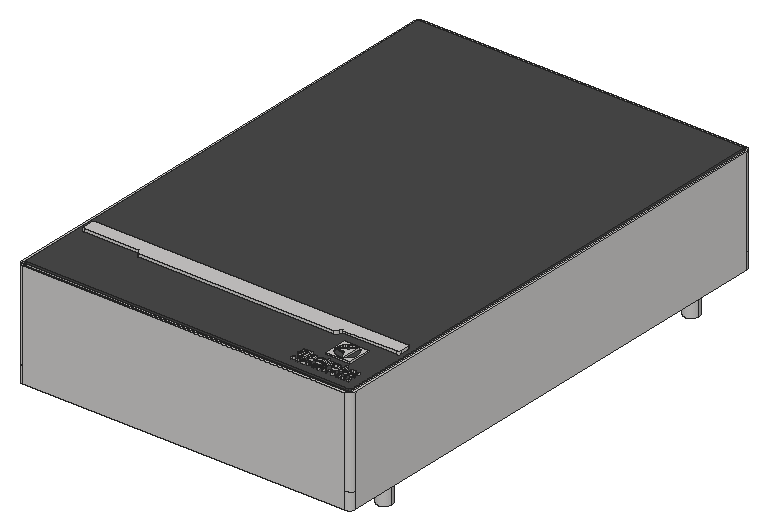
Revit family "QF_ELECTROLUXPROFESSIONAL_600883_E1HDDEOMCT", category Specialty Equipment, Revit 2018
Family settings
  Round Connector Dimension = Use Diameter
  Part Type = Normal
  Work Plane-Based = No
  Always vertical = Yes
  Cut with Voids When Loaded = No
  Shared = No
  Room Calculation Point = No
Parameters (values of type "Standard")
  Watts = 0 W
  Volts = 380 V
  URL = "http://professional.electrolux.com"
  Steam Supply Size = 0 mm
  Steam Supply Minimum Pressure = 0.0 Pa
  Steam Supply Maximum Pressure = 0.0 Pa
  Steam Pounds per Hour = 0
  Show Logo [instance] = yes
  Manufacturer = "Electrolux Professional"
  Phase = 3
  Model = "E1HDDEOMCT"
  Item Number = "600883"
  Hot Water Size = 0 mm
  HP = "6.7 HP"
  Gas Size = 0 mm
  Gas KW = 0
  Direct Waste Size = 0 mm
  Description = "PLUG-IN INDUCTION MONO ZONE COOK TOP - 3-PHASE"
  Cycle = 60 Hz
  Condensate Return Size = 0 mm
  Compressed Air Volume = 0.0 L/s
  Compressed Air Size = 0 mm
  Compressed Air Pressure = 0.0 Pa
  Cold Water Size = 0 mm
Values of the unnamed type that differ from the named types
  Volts = 0 V
  Item Number = ""
  Cycle = 0 Hz
Reference planes
  plane 1 "Centro (Fronte/Retro)": y = 74.737
  plane 2: z = 0
  plane 3: x = -514.269
  plane 4 "LEFT": x = -714.269
  plane 5 "RIGHT": x = -314.269
  plane 6 "BACK": y = 374.737
  plane 7 "FRONT": y = -225.263
  plane 8: x = -712.269
  plane 9: y = 372.737
  plane 10: x = -316.269
  plane 11: y = -223.263
  plane 12: y = -124.263
  plane 13: x = -698.269
  plane 14: x = -330.269
  plane 15: y = 304.737
  plane 16: y = -155.263
  plane 17: x = -539.269
  plane 18: y = -149.263
  plane 19: z = 764
Forms (mm)
  Extrusion 1, solid, material "QF_Finishes_Stainless Steel"
    sketch origin (0, 0, 789.016) x (1, 0, 0) y (0, 1, 0)
      loop
        arc (-707.269, 374.737) -> (-712.218, 372.687) -> (-714.269, 367.737) r 7
        line (-714.269, 367.737) -> (-714.269, -218.263)
        arc (-714.269, -218.263) -> (-712.218, -223.213) -> (-707.269, -225.263) r 7
        line (-707.269, -225.263) -> (-321.269, -225.263)
        arc (-321.269, -225.263) -> (-316.319, -223.213) -> (-314.269, -218.263) r 7
        line (-314.269, -218.263) -> (-314.269, 367.737)
        arc (-314.269, 367.737) -> (-316.319, 372.687) -> (-321.269, 374.737) r 7
        line (-321.269, 374.737) -> (-707.269, 374.737)
    from 0 to 20
  Extrusion 2, solid, material "QF_Finishes_Stainless Steel"
    sketch origin (0, 0, 789.016) x (1, 0, 0) y (0, 1, 0)
      loop
        line (-321.269, 374.737) -> (-707.269, 374.737)
        arc (-707.269, 374.737) -> (-712.218, 372.687) -> (-714.269, 367.737) r 7
        line (-714.269, 367.737) -> (-714.269, -218.263)
        arc (-714.269, -218.263) -> (-712.218, -223.213) -> (-707.269, -225.263) r 7
        line (-707.269, -225.263) -> (-321.269, -225.263)
        arc (-321.269, -225.263) -> (-316.319, -223.213) -> (-314.269, -218.263) r 7
        line (-314.269, -218.263) -> (-314.269, 367.737)
        arc (-314.269, 367.737) -> (-316.319, 372.687) -> (-321.269, 374.737) r 7
      loop
        arc (-707.269, 372.737) -> (-710.804, 371.273) -> (-712.269, 367.737) r 5
        line (-712.269, 367.737) -> (-712.269, -218.263)
        arc (-712.269, -218.263) -> (-710.804, -221.798) -> (-707.269, -223.263) r 5
        line (-707.269, -223.263) -> (-321.269, -223.263)
        arc (-321.269, -223.263) -> (-317.733, -221.798) -> (-316.269, -218.263) r 5
        line (-316.269, -218.263) -> (-316.269, 367.737)
        arc (-316.269, 367.737) -> (-317.733, 371.273) -> (-321.269, 372.737) r 5
        line (-321.269, 372.737) -> (-707.269, 372.737)
    from 20 to 126
  Extrusion 3, solid, material "QF_Finishes_Black"
    sketch origin (0, 0, 915.016) x (-1, 0, 0) y (0, -1, 0)
      loop
        arc (707.269, -369.737) -> (708.683, -369.151) -> (709.269, -367.737) r 2
        line (709.269, -367.737) -> (709.269, 218.263)
        arc (709.269, 218.263) -> (708.683, 219.677) -> (707.269, 220.263) r 2
        line (707.269, 220.263) -> (321.269, 220.263)
        arc (321.269, 220.263) -> (319.854, 219.677) -> (319.269, 218.263) r 2
        line (319.269, 218.263) -> (319.269, -367.737)
        arc (319.269, -367.737) -> (319.854, -369.151) -> (321.269, -369.737) r 2
        line (321.269, -369.737) -> (707.269, -369.737)
    from 0 to 2
  Extrusion 4, solid, material "QF_Finishes_Stainless Steel"
    sketch origin (0, 0, 915.016) x (-1, 0, 0) y (0, -1, 0)
      loop
        arc (701.269, 124.263) -> (703.39, 125.142) -> (704.269, 127.263) r 3
        line (704.269, 127.263) -> (704.269, 137.763)
        arc (704.269, 137.763) -> (703.39, 139.884) -> (701.269, 140.763) r 3
        line (701.269, 140.763) -> (637.269, 140.763)
        arc (637.269, 140.763) -> (635.147, 141.642) -> (634.269, 143.763) r 3
        arc (634.269, 143.763) -> (633.39, 145.884) -> (631.269, 146.763) r 3
        line (631.269, 146.763) -> (397.269, 146.763)
        arc (397.269, 146.763) -> (395.147, 145.884) -> (394.269, 143.763) r 3
        arc (394.269, 143.763) -> (393.39, 141.642) -> (391.269, 140.763) r 3
        line (391.269, 140.763) -> (327.269, 140.763)
        arc (327.269, 140.763) -> (325.147, 139.884) -> (324.269, 137.763) r 3
        line (324.269, 137.763) -> (324.269, 127.263)
        arc (324.269, 127.263) -> (325.147, 125.142) -> (327.269, 124.263) r 3
        line (327.269, 124.263) -> (701.269, 124.263)
    from 2 to 5
  Extrusion 5, solid, material "QF_Finishes_Stainless Steel"
    sketch origin (0, 0, 141.016) x (-1, 0, 0) y (0, -1, 0)
      loop
        circle (698.269, -304.737) r 9
      loop
        circle (330.269, -304.737) r 9
      loop
        circle (698.269, 155.263) r 9
      loop
        circle (330.269, 155.263) r 9
    from 622.984 to 648
  Extrusion 6, solid, material "QF_Finishes_Stainless Steel"
    sketch origin (0, 0, 141.016) x (-1, 0, 0) y (0, -1, 0)
      loop
        circle (539.269, 149.263) r 10
    from 638.028 to 648
Cuts and joins
  joined: Extrusion 1, Extrusion 2
Lines and regions (mm)
  Split face 1
    outline origin (0, 0, 917.016) x (-1, 0, 0) y (0, -1, 0)
      loop
        line (324.269, 124.263) -> (324.269, -364.737) -> (704.269, -364.737) -> (704.269, 124.263) -> (324.269, 124.263)
  Split face 2
    outline origin (0, 0, 917.016) x (-1, 0, 0) y (0, -1, 0)
      loop
        circle (514.269, -120.237) r 139
  symbolic lines
    curve 1: line (-321.269, 374.737, 126) -> (-707.269, 374.737, 126)
    curve 2: arc (-707.269, 374.737, 126) -> (-712.218, 372.687, 126) -> (-714.269, 367.737, 126) r 7
    curve 3: line (-714.269, 367.737, 126) -> (-714.269, -218.263, 126)
    curve 4: arc (-714.269, -218.263, 126) -> (-712.218, -223.213, 126) -> (-707.269, -225.263, 126) r 7
    curve 5: line (-707.269, -225.263, 126) -> (-321.269, -225.263, 126)
    curve 6: arc (-321.269, -225.263, 126) -> (-316.319, -223.213, 126) -> (-314.269, -218.263, 126) r 7
    curve 7: line (-314.269, -218.263, 126) -> (-314.269, 367.737, 126)
    curve 8: arc (-314.269, 367.737, 126) -> (-316.319, 372.687, 126) -> (-321.269, 374.737, 126) r 7
    curve 9: line (-707.269, 372.737, 126) -> (-321.269, 372.737, 126)
    curve 10: arc (-321.269, 372.737, 126) -> (-317.733, 371.273, 126) -> (-316.269, 367.737, 126) r 5
    curve 11: line (-316.269, 367.737, 126) -> (-316.269, -218.263, 126)
    curve 12: arc (-316.269, -218.263, 126) -> (-317.733, -221.798, 126) -> (-321.269, -223.263, 126) r 5
    curve 13: line (-321.269, -223.263, 126) -> (-707.269, -223.263, 126)
    curve 14: arc (-707.269, -223.263, 126) -> (-710.804, -221.798, 126) -> (-712.269, -218.263, 126) r 5
    curve 15: line (-712.269, -218.263, 126) -> (-712.269, 367.737, 126)
    curve 16: arc (-712.269, 367.737, 126) -> (-710.804, 371.273, 126) -> (-707.269, 372.737, 126) r 5
    curve 17: arc (-375.269, 120.237, 126) -> (-514.269, 259.237, 126) -> (-653.269, 120.237, 126) r 139
    curve 18: arc (-653.269, 120.237, 126) -> (-514.269, -18.763, 126) -> (-375.269, 120.237, 126) r 139
    curve 19: line (-631.269, -146.763, 126) -> (-494.269, -146.763, 126)
    curve 20: arc (-494.269, -146.763, 126) -> (-492.147, -145.884, 126) -> (-491.269, -143.763, 126) r 3
    curve 21: arc (-491.269, -143.763, 126) -> (-490.39, -141.642, 126) -> (-488.269, -140.763, 126) r 3
    curve 22: line (-488.269, -140.763, 126) -> (-327.269, -140.763, 126)
    curve 23: arc (-327.269, -140.763, 126) -> (-325.147, -139.884, 126) -> (-324.269, -137.763, 126) r 3
    curve 24: line (-324.269, -137.763, 126) -> (-324.269, -127.263, 126)
    curve 25: arc (-324.269, -127.263, 126) -> (-325.147, -125.142, 126) -> (-327.269, -124.263, 126) r 3
    curve 26: line (-324.269, -124.263, 126) -> (-704.269, -124.263, 126)
    curve 27: arc (-701.269, -124.263, 126) -> (-703.39, -125.142, 126) -> (-704.269, -127.263, 126) r 3
    curve 28: line (-704.269, -127.263, 126) -> (-704.269, -137.763, 126)
    curve 29: arc (-704.269, -137.763, 126) -> (-703.39, -139.884, 126) -> (-701.269, -140.763, 126) r 3
    curve 30: line (-701.269, -140.763, 126) -> (-637.269, -140.763, 126)
    curve 31: arc (-637.269, -140.763, 126) -> (-635.147, -141.642, 126) -> (-634.269, -143.763, 126) r 3
    curve 32: arc (-634.269, -143.763, 126) -> (-633.39, -145.884, 126) -> (-631.269, -146.763, 126) r 3
    curve 33: line (-704.269, 364.737, 126) -> (-704.269, -124.263, 126)
    curve 34: line (-324.269, -124.263, 126) -> (-324.269, 364.737, 126)
    curve 35: line (-324.269, 364.737, 126) -> (-704.269, 364.737, 126)
    curve 36: line (-319.269, -218.263, 126) -> (-319.269, 367.737, 126)
    curve 37: arc (-319.269, 367.737, 126) -> (-319.854, 369.151, 126) -> (-321.269, 369.737, 126) r 2
    curve 38: line (-321.269, 369.737, 126) -> (-707.269, 369.737, 126)
    curve 39: arc (-707.269, 369.737, 126) -> (-708.683, 369.151, 126) -> (-709.269, 367.737, 126) r 2
    curve 40: line (-709.269, 367.737, 126) -> (-709.269, -218.263, 126)
    curve 41: arc (-709.269, -218.263, 126) -> (-708.683, -219.677, 126) -> (-707.269, -220.263, 126) r 2
    curve 42: line (-707.269, -220.263, 126) -> (-321.269, -220.263, 126)
    curve 43: arc (-321.269, -220.263, 126) -> (-319.854, -219.677, 126) -> (-319.269, -218.263, 126) r 2
    curve 44: line (-378.626, -153.452, 126) -> (-378.626, -182.168, 126)
    curve 45: line (-378.626, -182.168, 126) -> (-349.912, -182.168, 126)
    curve 46: line (-349.912, -182.168, 126) -> (-349.912, -153.452, 126)
    curve 47: line (-349.912, -153.452, 126) -> (-378.626, -153.452, 126)
    curve 48: line (-375.841, -162.424, 126) -> (-375.07, -161.023, 126)
    curve 49: line (-375.07, -161.023, 126) -> (-374.141, -159.732, 126)
    curve 50: line (-374.141, -159.732, 126) -> (-373.065, -158.564, 126)
    curve 51: line (-373.065, -158.564, 126) -> (-371.856, -157.535, 126)
    curve 52: line (-371.856, -157.535, 126) -> (-370.527, -156.661, 126)
    curve 53: line (-370.527, -156.661, 126) -> (-369.091, -155.954, 126)
    curve 54: line (-369.091, -155.954, 126) -> (-367.562, -155.431, 126)
    curve 55: line (-367.562, -155.431, 126) -> (-365.952, -155.107, 126)
    curve 56: arc (-365.952, -155.107, 126) -> (-363.752, -155.007, 126) -> (-361.567, -155.279, 126) r 13.008
    curve 57: arc (-361.567, -155.279, 126) -> (-361.815, -157.647, 126) -> (-362.651, -159.876, 126) r 9.395
    curve 58: line (-362.651, -159.876, 126) -> (-363.438, -161.245, 126)
    curve 59: line (-363.438, -161.245, 126) -> (-364.403, -162.507, 126)
    curve 60: line (-364.403, -162.507, 126) -> (-365.524, -163.648, 126)
    curve 61: line (-365.524, -163.648, 126) -> (-366.781, -164.654, 126)
    curve 62: line (-366.781, -164.654, 126) -> (-368.151, -165.509, 126)
    curve 63: line (-368.151, -165.509, 126) -> (-369.615, -166.2, 126)
    curve 64: line (-369.615, -166.2, 126) -> (-371.15, -166.712, 126)
    curve 65: line (-371.15, -166.712, 126) -> (-372.736, -167.029, 126)
    curve 66: line (-372.736, -167.029, 126) -> (-374.352, -167.138, 126)
    curve 67: line (-374.352, -167.138, 126) -> (-377.067, -167.138, 126)
    curve 68: line (-377.067, -167.138, 126) -> (-376.852, -165.495, 126)
    curve 69: line (-376.852, -165.495, 126) -> (-376.439, -163.92, 126)
    curve 70: line (-376.439, -163.92, 126) -> (-375.841, -162.424, 126)
    curve 71: line (-360.221, -179.969, 126) -> (-360.221, -155.646, 126)
    curve 72: line (-360.221, -155.646, 126) -> (-358.743, -156.237, 126)
    curve 73: line (-358.743, -156.237, 126) -> (-357.363, -157.003, 126)
    curve 74: line (-357.363, -157.003, 126) -> (-356.095, -157.931, 126)
    curve 75: line (-356.095, -157.931, 126) -> (-354.951, -159.007, 126)
    curve 76: line (-354.951, -159.007, 126) -> (-353.945, -160.217, 126)
    curve 77: line (-353.945, -160.217, 126) -> (-353.092, -161.548, 126)
    curve 78: line (-353.092, -161.548, 126) -> (-352.403, -162.986, 126)
    curve 79: line (-352.403, -162.986, 126) -> (-351.894, -164.517, 126)
    curve 80: line (-351.894, -164.517, 126) -> (-351.576, -166.128, 126)
    curve 81: line (-351.576, -166.128, 126) -> (-351.464, -167.804, 126)
    curve 82: line (-351.464, -167.804, 126) -> (-351.567, -169.456, 126)
    curve 83: line (-351.567, -169.456, 126) -> (-351.873, -171.047, 126)
    curve 84: line (-351.873, -171.047, 126) -> (-352.372, -172.563, 126)
    curve 85: line (-352.372, -172.563, 126) -> (-353.05, -173.992, 126)
    curve 86: line (-353.05, -173.992, 126) -> (-353.897, -175.319, 126)
    curve 87: line (-353.897, -175.319, 126) -> (-354.899, -176.532, 126)
    curve 88: line (-354.899, -176.532, 126) -> (-356.044, -177.617, 126)
    curve 89: line (-356.044, -177.617, 126) -> (-357.321, -178.56, 126)
    curve 90: line (-357.321, -178.56, 126) -> (-358.718, -179.349, 126)
    curve 91: line (-358.718, -179.349, 126) -> (-360.221, -179.969, 126)
    curve 92: line (-369.613, -169.43, 126) -> (-368.15, -170.12, 126)
    curve 93: line (-368.15, -170.12, 126) -> (-366.78, -170.975, 126)
    curve 94: line (-366.78, -170.975, 126) -> (-365.524, -171.98, 126)
    curve 95: line (-365.524, -171.98, 126) -> (-364.403, -173.12, 126)
    curve 96: line (-364.403, -173.12, 126) -> (-363.439, -174.381, 126)
    curve 97: line (-363.439, -174.381, 126) -> (-362.652, -175.748, 126)
    curve 98: arc (-362.652, -175.748, 126) -> (-361.85, -177.982, 126) -> (-361.568, -180.34, 126) r 10.532
    curve 99: arc (-361.568, -180.34, 126) -> (-362.906, -180.548, 126) -> (-364.258, -180.63, 126) r 14.39
    curve 100: line (-364.258, -180.63, 126) -> (-365.828, -180.532, 126)
    curve 101: line (-365.828, -180.532, 126) -> (-367.331, -180.252, 126)
    curve 102: line (-367.331, -180.252, 126) -> (-368.77, -179.801, 126)
    curve 103: line (-368.77, -179.801, 126) -> (-370.134, -179.191, 126)
    curve 104: line (-370.134, -179.191, 126) -> (-371.411, -178.434, 126)
    curve 105: line (-371.411, -178.434, 126) -> (-372.589, -177.541, 126)
    curve 106: line (-372.589, -177.541, 126) -> (-373.656, -176.525, 126)
    curve 107: line (-373.656, -176.525, 126) -> (-374.6, -175.397, 126)
    curve 108: line (-374.6, -175.397, 126) -> (-375.41, -174.168, 126)
    curve 109: line (-375.41, -174.168, 126) -> (-376.073, -172.852, 126)
    curve 110: line (-376.073, -172.852, 126) -> (-376.579, -171.46, 126)
    curve 111: line (-376.579, -171.46, 126) -> (-376.915, -170.003, 126)
    curve 112: line (-376.915, -170.003, 126) -> (-377.069, -168.493, 126)
    curve 113: line (-377.069, -168.493, 126) -> (-374.35, -168.493, 126)
    curve 114: line (-374.35, -168.493, 126) -> (-372.734, -168.602, 126)
    curve 115: line (-372.734, -168.602, 126) -> (-371.148, -168.919, 126)
    curve 116: line (-371.148, -168.919, 126) -> (-369.613, -169.43, 126)
    curve 117: arc (-399.495, -197.154, 126) -> (-398.466, -199.638, 126) -> (-395.982, -200.667, 126) r 3.513
    curve 118: line (-395.982, -200.667, 126) -> (-392.408, -200.667, 126)
    curve 119: line (-392.408, -200.667, 126) -> (-392.408, -198.85, 126)
    curve 120: line (-392.408, -198.85, 126) -> (-395.966, -198.85, 126)
    curve 121: arc (-395.966, -198.85, 126) -> (-397.094, -198.382, 126) -> (-397.562, -197.254, 126) r 1.596
    curve 122: line (-397.562, -197.254, 126) -> (-397.562, -195.74, 126)
    curve 123: line (-397.562, -195.74, 126) -> (-392.843, -195.74, 126)
    curve 124: line (-392.843, -195.74, 126) -> (-392.843, -193.917, 126)
    curve 125: line (-392.843, -193.917, 126) -> (-397.563, -193.917, 126)
    curve 126: line (-397.563, -193.917, 126) -> (-397.563, -191.264, 126)
    curve 127: line (-397.563, -191.264, 126) -> (-392.542, -191.264, 126)
    curve 128: line (-392.542, -191.264, 126) -> (-392.542, -189.445, 126)
    curve 129: line (-392.542, -189.445, 126) -> (-399.495, -189.445, 126)
    curve 130: line (-399.495, -189.445, 126) -> (-399.495, -193.353, 126)
    curve 131: line (-399.495, -193.353, 126) -> (-399.495, -197.154, 126)
    curve 132: line (-389.101, -189.455, 126) -> (-391.035, -189.455, 126)
    curve 133: line (-391.035, -189.455, 126) -> (-391.035, -194.76, 126)
    curve 134: line (-391.035, -194.76, 126) -> (-391.035, -200.681, 126)
    curve 135: line (-391.035, -200.681, 126) -> (-389.101, -200.681, 126)
    curve 136: line (-389.101, -200.681, 126) -> (-389.101, -194.721, 126)
    curve 137: line (-389.101, -194.721, 126) -> (-389.101, -189.455, 126)
    curve 138: arc (-380.394, -193.787, 126) -> (-383.654, -192.313, 126) -> (-386.913, -193.787, 126) r 4.34
    curve 139: arc (-386.913, -193.787, 126) -> (-387.819, -196.606, 126) -> (-386.913, -199.425, 126) r 4.838
    curve 140: arc (-386.913, -199.425, 126) -> (-383.498, -200.88, 126) -> (-380.082, -199.425, 126) r 4.737
    curve 141: line (-380.082, -199.425, 126) -> (-381.246, -198.293, 126)
    curve 142: arc (-381.246, -198.293, 126) -> (-383.382, -199.237, 126) -> (-385.517, -198.293, 126) r 2.888
    curve 143: arc (-385.517, -198.293, 126) -> (-385.841, -197.736, 126) -> (-385.905, -197.095, 126) r 1.527
    curve 144: line (-385.905, -197.095, 126) -> (-379.564, -197.095, 126)
    curve 145: arc (-379.564, -197.095, 126) -> (-379.672, -195.364, 126) -> (-380.394, -193.787, 126) r 4.757
    curve 146: line (-381.505, -195.736, 126) -> (-385.858, -195.736, 126)
    curve 147: arc (-385.858, -195.736, 126) -> (-385.043, -194.411, 126) -> (-383.56, -193.941, 126) r 2.23
    curve 148: arc (-383.56, -193.941, 126) -> (-382.221, -194.482, 126) -> (-381.505, -195.736, 126) r 2.201
    curve 149: arc (-372.029, -198.26, 126) -> (-376.639, -196.593, 126) -> (-372.029, -194.927, 126) r 2.606
    curve 150: line (-372.029, -194.927, 126) -> (-370.832, -193.681, 126)
    curve 151: arc (-370.832, -193.681, 126) -> (-378.564, -196.594, 126) -> (-370.832, -199.507, 126) r 4.415
    curve 152: line (-370.832, -199.507, 126) -> (-372.029, -198.26, 126)
    curve 153: line (-369.629, -193.481, 126) -> (-369.629, -197.299, 126)
    curve 154: arc (-369.629, -197.299, 126) -> (-368.592, -199.893, 126) -> (-365.911, -200.681, 126) r 3.196
    curve 155: line (-365.911, -200.681, 126) -> (-365.904, -198.864, 126)
    curve 156: arc (-365.904, -198.864, 126) -> (-367.239, -198.457, 126) -> (-367.699, -197.14, 126) r 1.542
    curve 157: line (-367.699, -197.14, 126) -> (-367.699, -194.319, 126)
    curve 158: line (-367.699, -194.319, 126) -> (-365.94, -194.319, 126)
    curve 159: line (-365.94, -194.319, 126) -> (-365.94, -192.562, 126)
    curve 160: line (-365.94, -192.562, 126) -> (-367.696, -192.562, 126)
    curve 161: line (-367.696, -192.562, 126) -> (-367.696, -189.455, 126)
    curve 162: line (-367.696, -189.455, 126) -> (-369.629, -189.455, 126)
    curve 163: line (-369.629, -189.455, 126) -> (-369.629, -193.481, 126)
    curve 164: arc (-359.402, -192.451, 126) -> (-361.13, -192.587, 126) -> (-362.397, -193.771, 126) r 2.627
    curve 165: line (-362.397, -193.771, 126) -> (-362.397, -192.563, 126)
    curve 166: line (-362.397, -192.563, 126) -> (-364.315, -192.563, 126)
    curve 167: line (-364.315, -192.563, 126) -> (-364.315, -196.541, 126)
    curve 168: line (-364.315, -196.541, 126) -> (-364.315, -200.681, 126)
    curve 169: line (-364.315, -200.681, 126) -> (-362.397, -200.681, 126)
    curve 170: line (-362.397, -200.681, 126) -> (-362.397, -196.412, 126)
    curve 171: arc (-362.397, -196.412, 126) -> (-361.445, -194.585, 126) -> (-359.402, -194.319, 126) r 2.229
    curve 172: line (-359.402, -194.319, 126) -> (-359.402, -192.451, 126)
    curve 173: arc (-350.248, -196.625, 126) -> (-354.668, -192.205, 126) -> (-359.088, -196.625, 126) r 4.42
    curve 174: arc (-359.088, -196.625, 126) -> (-354.668, -201.046, 126) -> (-350.248, -196.625, 126) r 4.42
    curve 175: arc (-357.176, -196.625, 126) -> (-354.668, -194.117, 126) -> (-352.16, -196.625, 126) r 2.508
    curve 176: arc (-352.16, -196.625, 126) -> (-354.668, -199.134, 126) -> (-357.176, -196.625, 126) r 2.508
    curve 177: line (-347.124, -189.454, 126) -> (-349.058, -189.454, 126)
    curve 178: line (-349.058, -189.454, 126) -> (-349.058, -194.566, 126)
    curve 179: line (-349.058, -194.566, 126) -> (-349.058, -200.682, 126)
    curve 180: line (-349.058, -200.682, 126) -> (-347.124, -200.682, 126)
    curve 181: line (-347.124, -200.682, 126) -> (-347.124, -194.643, 126)
    curve 182: line (-347.124, -194.643, 126) -> (-347.124, -189.454, 126)
    curve 183: line (-343.697, -192.562, 126) -> (-345.646, -192.562, 126)
    curve 184: line (-345.646, -192.562, 126) -> (-345.646, -194.915, 126)
    curve 185: line (-345.646, -194.915, 126) -> (-345.646, -197.715, 126)
    curve 186: arc (-345.646, -197.715, 126) -> (-341.931, -201.044, 126) -> (-338.204, -197.728, 126) r 3.745
    curve 187: line (-338.204, -197.728, 126) -> (-338.204, -194.915, 126)
    curve 188: line (-338.204, -194.915, 126) -> (-338.204, -192.562, 126)
    curve 189: line (-338.204, -192.562, 126) -> (-340.152, -192.562, 126)
    curve 190: line (-340.152, -192.562, 126) -> (-340.152, -197.299, 126)
    curve 191: arc (-340.152, -197.299, 126) -> (-341.925, -199.071, 126) -> (-343.697, -197.299, 126) r 1.772
    curve 192: line (-343.697, -197.299, 126) -> (-343.697, -192.562, 126)
    curve 193: line (-334.237, -196.397, 126) -> (-335.916, -198.735, 126)
    curve 194: line (-335.916, -198.735, 126) -> (-337.313, -200.682, 126)
    curve 195: line (-337.313, -200.682, 126) -> (-335.235, -200.682, 126)
    curve 196: line (-335.235, -200.682, 126) -> (-333.174, -197.813, 126)
    curve 197: line (-333.174, -197.813, 126) -> (-331.112, -200.682, 126)
    curve 198: line (-331.112, -200.682, 126) -> (-329.034, -200.682, 126)
    curve 199: line (-329.034, -200.682, 126) -> (-330.891, -198.085, 126)
    curve 200: line (-330.891, -198.085, 126) -> (-332.11, -196.38, 126)
    curve 201: line (-332.11, -196.38, 126) -> (-330.601, -194.325, 126)
    curve 202: line (-330.601, -194.325, 126) -> (-329.308, -192.563, 126)
    curve 203: line (-329.308, -192.563, 126) -> (-331.418, -192.563, 126)
    curve 204: line (-331.418, -192.563, 126) -> (-333.174, -194.995, 126)
    curve 205: line (-333.174, -194.995, 126) -> (-334.946, -192.563, 126)
    curve 206: line (-334.946, -192.563, 126) -> (-337.039, -192.563, 126)
    curve 207: line (-337.039, -192.563, 126) -> (-335.839, -194.205, 126)
    curve 208: line (-335.839, -194.205, 126) -> (-334.237, -196.397, 126)
    curve 209: line (-399.467, -205.699, 126) -> (-399.467, -209.59, 126)
    curve 210: line (-399.467, -209.59, 126) -> (-398.667, -209.59, 126)
    curve 211: line (-398.667, -209.59, 126) -> (-398.667, -208.271, 126)
    curve 212: line (-398.667, -208.271, 126) -> (-397.697, -208.271, 126)
    curve 213: arc (-397.697, -208.271, 126) -> (-396.674, -206.863, 126) -> (-397.967, -205.699, 126) r 1.3
    curve 214: line (-397.967, -205.699, 126) -> (-399.467, -205.699, 126)
    curve 215: line (-398.667, -207.52, 126) -> (-398.667, -206.434, 126)
    curve 216: line (-398.667, -206.434, 126) -> (-397.861, -206.434, 126)
    curve 217: arc (-397.861, -206.434, 126) -> (-397.461, -206.977, 126) -> (-397.861, -207.52, 126) r 0.569
    curve 218: line (-397.861, -207.52, 126) -> (-398.667, -207.52, 126)
    curve 219: line (-393.389, -205.699, 126) -> (-393.389, -209.59, 126)
    curve 220: line (-393.389, -209.59, 126) -> (-392.589, -209.59, 126)
    curve 221: line (-392.589, -209.59, 126) -> (-392.589, -208.249, 126)
    curve 222: line (-392.589, -208.249, 126) -> (-391.763, -208.249, 126)
    curve 223: line (-391.763, -208.249, 126) -> (-390.957, -209.59, 126)
    curve 224: line (-390.957, -209.59, 126) -> (-390.05, -209.59, 126)
    curve 225: line (-390.05, -209.59, 126) -> (-391.058, -207.929, 126)
    curve 226: arc (-391.058, -207.929, 126) -> (-390.677, -206.531, 126) -> (-391.863, -205.699, 126) r 1.26
    curve 227: line (-391.863, -205.699, 126) -> (-393.389, -205.699, 126)
    curve 228: line (-392.589, -207.52, 126) -> (-392.589, -206.434, 126)
    curve 229: line (-392.589, -206.434, 126) -> (-391.782, -206.434, 126)
    curve 230: arc (-391.782, -206.434, 126) -> (-391.383, -206.977, 126) -> (-391.782, -207.52, 126) r 0.569
    curve 231: line (-391.782, -207.52, 126) -> (-392.589, -207.52, 126)
    curve 232: arc (-386.695, -207.668, 126) -> (-385.407, -206.38, 126) -> (-384.119, -207.668, 126) r 1.288
    curve 233: arc (-384.119, -207.668, 126) -> (-385.407, -208.956, 126) -> (-386.695, -207.668, 126) r 1.288
    curve 234: arc (-383.342, -207.668, 126) -> (-385.407, -205.603, 126) -> (-387.472, -207.668, 126) r 2.065
    curve 235: arc (-387.472, -207.668, 126) -> (-385.407, -209.733, 126) -> (-383.342, -207.668, 126) r 2.065
    curve 236: line (-379.969, -205.699, 126) -> (-379.969, -209.59, 126)
    curve 237: line (-379.969, -209.59, 126) -> (-379.169, -209.59, 126)
    curve 238: line (-379.169, -209.59, 126) -> (-379.169, -208.099, 126)
    curve 239: line (-379.169, -208.099, 126) -> (-377.704, -208.099, 126)
    curve 240: line (-377.704, -208.099, 126) -> (-377.704, -207.299, 126)
    curve 241: line (-377.704, -207.299, 126) -> (-379.169, -207.299, 126)
    curve 242: line (-379.169, -207.299, 126) -> (-379.169, -206.499, 126)
    curve 243: line (-379.169, -206.499, 126) -> (-377.564, -206.499, 126)
    curve 244: line (-377.564, -206.499, 126) -> (-377.564, -205.699, 126)
    curve 245: line (-377.564, -205.699, 126) -> (-379.969, -205.699, 126)
    curve 246: line (-374.264, -205.699, 126) -> (-374.264, -208.344, 126)
    curve 247: arc (-374.264, -208.344, 126) -> (-373.899, -209.225, 126) -> (-373.017, -209.59, 126) r 1.246
    curve 248: line (-373.017, -209.59, 126) -> (-371.761, -209.59, 126)
    curve 249: line (-371.761, -209.59, 126) -> (-371.761, -208.79, 126)
    curve 250: line (-371.761, -208.79, 126) -> (-372.922, -208.79, 126)
    curve 251: arc (-372.922, -208.79, 126) -> (-373.361, -208.576, 126) -> (-373.464, -208.099, 126) r 0.558
    curve 252: line (-373.464, -208.099, 126) -> (-371.907, -208.099, 126)
    curve 253: line (-371.907, -208.099, 126) -> (-371.907, -207.299, 126)
    curve 254: line (-371.907, -207.299, 126) -> (-373.464, -207.299, 126)
    curve 255: line (-373.464, -207.299, 126) -> (-373.464, -206.499, 126)
    curve 256: line (-373.464, -206.499, 126) -> (-371.799, -206.499, 126)
    curve 257: line (-371.799, -206.499, 126) -> (-371.799, -205.699, 126)
    curve 258: line (-371.799, -205.699, 126) -> (-374.264, -205.699, 126)
    curve 259: arc (-368.711, -208.718, 126) -> (-367.818, -209.538, 126) -> (-366.606, -209.568, 126) r 1.725
    curve 260: arc (-366.606, -209.568, 126) -> (-365.785, -208.793, 126) -> (-366.071, -207.702, 126) r 1.107
    curve 261: arc (-366.071, -207.702, 126) -> (-366.648, -207.348, 126) -> (-367.264, -207.067, 126) r 5.523
    curve 262: arc (-367.264, -207.067, 126) -> (-367.604, -206.55, 126) -> (-367.043, -206.293, 126) r 0.407
    curve 263: arc (-367.043, -206.293, 126) -> (-366.706, -206.498, 126) -> (-366.425, -206.775, 126) r 1.702
    curve 264: line (-366.425, -206.775, 126) -> (-365.74, -206.363, 126)
    curve 265: arc (-365.74, -206.363, 126) -> (-366.172, -205.902, 126) -> (-366.708, -205.566, 126) r 2.463
    curve 266: arc (-366.708, -205.566, 126) -> (-368.378, -206.347, 126) -> (-367.331, -207.864, 126) r 1.207
    curve 267: line (-367.331, -207.864, 126) -> (-366.868, -208.812, 126)
    curve 268: arc (-366.868, -208.812, 126) -> (-367.513, -208.798, 126) -> (-367.991, -208.367, 126) r 0.925
    curve 269: line (-367.991, -208.367, 126) -> (-368.711, -208.718, 126)
    curve 270: arc (-362.851, -208.718, 126) -> (-361.958, -209.538, 126) -> (-360.746, -209.568, 126) r 1.725
    curve 271: arc (-360.746, -209.568, 126) -> (-359.926, -208.793, 126) -> (-360.211, -207.702, 126) r 1.107
    curve 272: arc (-360.211, -207.702, 126) -> (-360.788, -207.348, 126) -> (-361.405, -207.067, 126) r 5.523
    curve 273: arc (-361.405, -207.067, 126) -> (-361.745, -206.55, 126) -> (-361.183, -206.293, 126) r 0.407
    curve 274: arc (-361.183, -206.293, 126) -> (-360.846, -206.498, 126) -> (-360.566, -206.775, 126) r 1.702
    curve 275: line (-360.566, -206.775, 126) -> (-359.88, -206.363, 126)
    curve 276: arc (-359.88, -206.363, 126) -> (-360.313, -205.902, 126) -> (-360.848, -205.566, 126) r 2.463
    curve 277: arc (-360.848, -205.566, 126) -> (-362.518, -206.347, 126) -> (-361.471, -207.864, 126) r 1.207
    curve 278: line (-361.471, -207.864, 126) -> (-361.009, -208.812, 126)
    curve 279: arc (-361.009, -208.812, 126) -> (-361.653, -208.798, 126) -> (-362.132, -208.367, 126) r 0.925
    curve 280: line (-362.132, -208.367, 126) -> (-362.851, -208.718, 126)
    curve 281: line (-356.591, -209.59, 126) -> (-355.791, -209.59, 126)
    curve 282: line (-355.791, -209.59, 126) -> (-355.791, -205.699, 126)
    curve 283: line (-355.791, -205.699, 126) -> (-356.591, -205.699, 126)
    curve 284: line (-356.591, -205.699, 126) -> (-356.591, -209.59, 126)
    curve 285: arc (-352.472, -207.668, 126) -> (-350.407, -209.733, 126) -> (-348.342, -207.668, 126) r 2.065
    curve 286: arc (-348.342, -207.668, 126) -> (-350.407, -205.603, 126) -> (-352.472, -207.668, 126) r 2.065
    curve 287: arc (-351.695, -207.668, 126) -> (-350.407, -206.38, 126) -> (-349.119, -207.668, 126) r 1.288
    curve 288: arc (-349.119, -207.668, 126) -> (-350.407, -208.956, 126) -> (-351.695, -207.668, 126) r 1.288
    curve 289: line (-345.051, -205.699, 126) -> (-345.051, -209.59, 126)
    curve 290: line (-345.051, -209.59, 126) -> (-344.221, -209.59, 126)
    curve 291: line (-344.221, -209.59, 126) -> (-344.221, -207.143, 126)
    curve 292: line (-344.221, -207.143, 126) -> (-342.441, -209.59, 126)
    curve 293: line (-342.441, -209.59, 126) -> (-341.641, -209.59, 126)
    curve 294: line (-341.641, -209.59, 126) -> (-341.641, -205.699, 126)
    curve 295: line (-341.641, -205.699, 126) -> (-342.471, -205.699, 126)
    curve 296: line (-342.471, -205.699, 126) -> (-342.471, -208.219, 126)
    curve 297: line (-342.471, -208.219, 126) -> (-344.251, -205.699, 126)
    curve 298: line (-344.251, -205.699, 126) -> (-345.051, -205.699, 126)
    curve 299: line (-336.895, -205.7, 126) -> (-338.488, -209.59, 126)
    curve 300: line (-338.488, -209.59, 126) -> (-337.629, -209.59, 126)
    curve 301: line (-337.629, -209.59, 126) -> (-337.25, -208.75, 126)
    curve 302: line (-337.25, -208.75, 126) -> (-335.811, -208.75, 126)
    curve 303: line (-335.811, -208.75, 126) -> (-335.432, -209.59, 126)
    curve 304: line (-335.432, -209.59, 126) -> (-334.574, -209.59, 126)
    curve 305: line (-334.574, -209.59, 126) -> (-336.095, -205.7, 126)
    curve 306: line (-336.095, -205.7, 126) -> (-336.895, -205.7, 126)
    curve 307: line (-336.947, -207.983, 126) -> (-336.529, -206.965, 126)
    curve 308: line (-336.529, -206.965, 126) -> (-336.131, -207.983, 126)
    curve 309: line (-336.131, -207.983, 126) -> (-336.947, -207.983, 126)
    curve 310: line (-331.398, -205.699, 126) -> (-331.398, -209.59, 126)
    curve 311: line (-331.398, -209.59, 126) -> (-329.102, -209.59, 126)
    curve 312: line (-329.102, -209.59, 126) -> (-329.102, -208.79, 126)
    curve 313: line (-329.102, -208.79, 126) -> (-330.599, -208.79, 126)
    curve 314: line (-330.599, -208.79, 126) -> (-330.599, -205.699, 126)
    curve 315: line (-330.599, -205.699, 126) -> (-331.398, -205.699, 126)
Dimensions and locks
  equal spacing: plane 4 "LEFT", plane 3, plane 5 "RIGHT"
  plane 4 "LEFT" to plane 5 "RIGHT" = 400 mm
  equal spacing: plane 6 "BACK", plane 1 "Centro (Fronte/Retro)", plane 7 "FRONT"
  plane 6 "BACK" to plane 7 "FRONT" = 600 mm
  locked: plane 4 "LEFT" to plane 13 at 16
  locked: plane 14 to plane 5 "RIGHT" at 16
  locked: plane 6 "BACK" to plane 15 at 70
  locked: plane 16 to plane 7 "FRONT" at 70
  locked: plane 17 to plane 5 "RIGHT" at 225
  locked: plane 18 to plane 7 "FRONT" at 76
  Extrusion 4 to Extrusion 5 = 156.016 mm
  plane 19 to level = 764 mm
  aligned and locked: level to plane 2
  aligned and locked: Extrusion 5 to cut or joined group of Extrusion 1, Extrusion 2
Automatic sketch dimensions
  Extrusion 1 sketch curve to plane 4 "LEFT" = 0 mm
  Extrusion 1 sketch curve to plane 7 "FRONT" = 0 mm
  Extrusion 1 sketch curve to plane 6 "BACK" = 0 mm
  Extrusion 1 sketch curve to plane 5 "RIGHT" = 0 mm
  plane 8 to Extrusion 1 sketch curve = 5 mm  (x2)
  Extrusion 1 sketch curve to plane 10 = 5 mm  (x2)
  Extrusion 2 sketch curve to Extrusion 2 sketch curve = 0 mm  (x8)
  Extrusion 2 sketch curve to plane 4 "LEFT" = 0 mm
  Extrusion 2 sketch curve to plane 8 = 0 mm
  Extrusion 2 sketch curve to plane 6 "BACK" = 0 mm
  Extrusion 2 sketch curve to plane 7 "FRONT" = 0 mm
  Extrusion 2 sketch curve to plane 10 = 0 mm
  Extrusion 2 sketch curve to Extrusion 2 sketch curve = 5 mm  (x2)
  Extrusion 2 sketch curve to plane 10 = 5 mm  (x2)
  Extrusion 3 sketch curve to plane 10 = 3 mm
  Extrusion 3 sketch curve to Extrusion 3 sketch curve = 2 mm  (x3)
  plane 8 to Extrusion 3 sketch curve = 5 mm  (x2)
  Extrusion 3 sketch curve to plane 9 = 3 mm
  plane 11 to Extrusion 3 sketch curve = 5 mm
  Extrusion 4 sketch curve to plane 12 = 0 mm
  Extrusion 4 sketch curve to plane 10 = 8 mm
  Extrusion 4 sketch curve to Extrusion 4 sketch curve = 3 mm  (x3)
  Extrusion 4 sketch curve to plane 12 = 19.5 mm
  Extrusion 4 sketch curve to Extrusion 4 sketch curve = 64 mm
  Extrusion 4 sketch curve to Extrusion 4 sketch curve = 6 mm  (x2)
  Extrusion 4 sketch curve to plane 12 = 22.5 mm
  plane 8 to Extrusion 4 sketch curve = 81 mm
  plane 8 to Extrusion 4 sketch curve = 11 mm
  Extrusion 4 sketch curve to plane 12 = 3 mm
  Extrusion 4 sketch curve to Extrusion 4 sketch curve = 0 mm
  Extrusion 4 sketch curve to Extrusion 4 sketch curve = 10.5 mm  (x2)
  Split face 1 sketch curve to Extrusion 3 = 5 mm  (x3)
  Split face 1 sketch curve to Extrusion 3 = 96 mm
  Split face 2 sketch curve to Extrusion 3 = 195 mm
  Split face 2 sketch curve to Extrusion 3 = 249.5 mm
  Extrusion 5 sketch curve to plane 14 = 0 mm  (x2)
  Extrusion 5 sketch curve to plane 13 = 0 mm  (x2)
  Extrusion 5 sketch curve to plane 15 = 0 mm  (x2)
  Extrusion 5 sketch curve to plane 16 = 0 mm  (x2)
  Extrusion 6 sketch curve to plane 17 = 0 mm
  Extrusion 6 sketch curve to plane 18 = 0 mm
  curve 2 to curve 16 = 0 mm  (x2)
  curve 4 to curve 14 = 0 mm
  curve 6 to curve 12 = 0 mm  (x2)
  curve 8 to curve 10 = 0 mm  (x2)
  curve 8 to plane 5 "RIGHT" = 0 mm
  curve 11 to plane 10 = 0 mm
  curve 9 to plane 9 = 0 mm
  curve 5 to plane 7 "FRONT" = 0 mm
  curve 26 to plane 12 = 0 mm
  curve 17 to plane 3 = 0 mm
  curve 14 to plane 8 = 0 mm
  curve 12 to plane 10 = 5 mm
  curve 10 to plane 9 = 5 mm
  curve 8 to curve 35 = 3 mm
  plane 14 to curve 24 = 6 mm
  curve 23 to curve 23 = 3 mm
  curve 25 to curve 25 = 3 mm
  plane 16 to curve 21 = 11.5 mm
  plane 17 to curve 21 = 51 mm
  curve 21 to curve 19 = 6 mm
  plane 16 to curve 19 = 8.5 mm
  plane 13 to curve 19 = 67 mm
  curve 32 to curve 31 = 6 mm
  curve 29 to plane 13 = 3 mm
  curve 27 to plane 13 = 3 mm
  curve 33 to plane 13 = 6 mm
  curve 29 to curve 28 = 3 mm
  plane 8 to curve 9 = 5 mm
  plane 8 to curve 13 = 5 mm
  curve 8 to curve 34 = 3 mm
  curve 18 to plane 1 "Centro (Fronte/Retro)" = 45.5 mm
  curve 28 to curve 28 = 10.5 mm
  curve 25 to curve 24 = 10.5 mm
  curve 30 to curve 31 = 3 mm
  curve 18 to plane 14 = 45 mm
  curve 2 to curve 39 = 0 mm  (x2)
  curve 4 to curve 41 = 0 mm  (x2)
  curve 6 to curve 43 = 0 mm  (x2)
  curve 8 to curve 37 = 0 mm
  curve 36 to curve 10 = 2 mm
  curve 46 to plane 14 = 19.643 mm
  curve 45 to curve 45 = 28.714 mm
  plane 16 to curve 44 = 1.811 mm
  curve 44 to plane 16 = 26.905 mm
  curve 58 to plane 16 = 4.613 mm
  curve 46 to curve 58 = 12.74 mm
  curve 59 to plane 16 = 5.982 mm
  curve 58 to curve 59 = 0.787 mm
  curve 58 to curve 56 = 0.823 mm
  curve 60 to plane 16 = 7.244 mm
  curve 58 to curve 60 = 0.965 mm
  curve 60 to plane 16 = 8.385 mm
  curve 59 to curve 60 = 1.121 mm
  plane 16 to curve 55 = 0.156 mm
  curve 57 to curve 55 = 3.3 mm
  curve 62 to plane 16 = 9.391 mm
  curve 60 to curve 62 = 1.256 mm
  curve 55 to plane 16 = 0.168 mm
  curve 56 to curve 55 = 1.61 mm
  curve 62 to plane 16 = 10.246 mm
  curve 62 to curve 62 = 1.37 mm
  curve 53 to plane 16 = 0.691 mm
  curve 54 to curve 53 = 1.53 mm
  curve 63 to plane 16 = 10.937 mm
  curve 63 to curve 63 = 1.464 mm
  curve 53 to plane 16 = 1.398 mm
  curve 54 to curve 53 = 1.436 mm
  curve 57 to plane 16 = 0.227 mm
  curve 52 to curve 57 = 0.433 mm
  curve 64 to plane 16 = 11.449 mm
  curve 63 to curve 64 = 1.535 mm
  curve 51 to plane 16 = 2.272 mm
  curve 52 to curve 51 = 1.329 mm
  curve 66 to plane 16 = 11.766 mm
  curve 64 to curve 66 = 1.586 mm
  curve 51 to plane 16 = 3.301 mm
  curve 51 to curve 51 = 1.209 mm
  curve 49 to plane 16 = 4.469 mm
  curve 51 to curve 49 = 1.076 mm
  curve 66 to plane 16 = 11.875 mm
  curve 65 to curve 66 = 1.616 mm
  curve 48 to plane 16 = 5.76 mm
  curve 49 to curve 48 = 0.93 mm
  curve 48 to plane 16 = 7.161 mm
  curve 48 to curve 48 = 0.771 mm
  curve 70 to plane 16 = 8.657 mm
  curve 48 to curve 70 = 0.598 mm
  curve 69 to plane 16 = 10.232 mm
  curve 69 to curve 69 = 0.413 mm
  curve 68 to curve 68 = 0.215 mm
  curve 61 to curve 56 = 3.351 mm
  curve 82 to curve 56 = 12.798 mm
  curve 82 to curve 82 = 0.102 mm
  curve 81 to curve 80 = 0.112 mm
  curve 82 to curve 84 = 0.306 mm
  curve 80 to plane 16 = 9.254 mm
  curve 81 to curve 80 = 0.317 mm
  curve 83 to curve 85 = 0.499 mm
  curve 78 to plane 16 = 7.723 mm
  curve 79 to curve 78 = 0.51 mm
  curve 85 to curve 85 = 0.679 mm
  curve 78 to plane 16 = 6.285 mm
  curve 78 to curve 78 = 0.688 mm
  curve 85 to curve 87 = 0.846 mm
  curve 77 to plane 16 = 4.954 mm
  curve 77 to curve 77 = 0.854 mm
  curve 87 to curve 87 = 1.002 mm
  curve 75 to plane 16 = 3.744 mm
  curve 76 to curve 75 = 1.005 mm
  curve 88 to curve 88 = 1.146 mm
  curve 75 to plane 16 = 2.668 mm
  curve 75 to curve 75 = 1.144 mm
  curve 88 to curve 89 = 1.277 mm
  curve 74 to plane 16 = 1.74 mm
  curve 75 to curve 74 = 1.269 mm
  curve 89 to curve 90 = 1.396 mm
  curve 73 to plane 16 = 0.974 mm
  curve 73 to curve 73 = 1.38 mm
  curve 72 to plane 16 = 0.383 mm
  curve 72 to curve 57 = 1.346 mm
  curve 79 to curve 80 = 1.611 mm
  curve 80 to curve 81 = 1.677 mm
  curve 82 to curve 83 = 1.652 mm
  curve 82 to curve 83 = 1.591 mm
  curve 83 to curve 84 = 1.516 mm
  curve 85 to curve 85 = 1.429 mm
  curve 85 to curve 86 = 1.327 mm
  curve 87 to curve 88 = 1.213 mm
  curve 88 to curve 88 = 1.085 mm
  curve 88 to curve 90 = 0.943 mm
  curve 89 to curve 91 = 0.789 mm
  curve 91 to curve 91 = 0.62 mm
  curve 71 to curve 97 = 2.431 mm
  curve 98 to curve 96 = 0.787 mm
  curve 71 to curve 100 = 4.037 mm
  curve 96 to curve 96 = 0.964 mm
  curve 56 to curve 99 = 0.187 mm
  curve 94 to plane 16 = 16.717 mm
  curve 95 to curve 94 = 1.121 mm
  curve 99 to curve 100 = 1.57 mm
  curve 94 to plane 16 = 15.712 mm
  curve 95 to curve 94 = 1.256 mm
  curve 100 to curve 101 = 1.503 mm
  curve 93 to plane 16 = 14.857 mm
  curve 93 to curve 93 = 1.37 mm
  curve 101 to curve 103 = 1.439 mm
  curve 116 to plane 16 = 14.167 mm
  curve 92 to curve 116 = 1.463 mm
  curve 102 to curve 103 = 1.364 mm
  curve 116 to plane 16 = 13.656 mm
  curve 92 to curve 116 = 1.535 mm
  curve 104 to curve 105 = 1.277 mm
  curve 104 to curve 98 = 0.689 mm
  curve 105 to curve 105 = 1.178 mm
  curve 114 to plane 16 = 13.339 mm
  curve 114 to curve 65 = 0.002 mm
  curve 107 to plane 16 = 21.262 mm
  curve 105 to curve 107 = 1.067 mm
  curve 114 to plane 16 = 13.23 mm
  curve 114 to curve 66 = 0.002 mm
  curve 107 to plane 16 = 20.134 mm
  curve 106 to curve 107 = 0.944 mm
  curve 109 to plane 16 = 18.905 mm
  curve 107 to curve 109 = 0.81 mm
  curve 110 to plane 16 = 17.589 mm
  curve 108 to curve 110 = 0.664 mm
  curve 110 to plane 16 = 16.197 mm
  curve 109 to curve 110 = 0.506 mm
  curve 112 to plane 16 = 14.74 mm
  curve 110 to curve 112 = 0.336 mm
  curve 67 to curve 112 = 0.002 mm
  curve 99 to curve 56 = 1.764 mm
  curve 94 to curve 95 = 1.14 mm
  curve 96 to curve 97 = 1.261 mm
  curve 97 to curve 97 = 1.367 mm
  curve 107 to curve 106 = 1.016 mm
  curve 105 to curve 105 = 0.893 mm
  curve 104 to curve 103 = 0.757 mm
  curve 103 to curve 102 = 0.61 mm
  curve 102 to curve 101 = 0.451 mm
  curve 104 to curve 98 = 1.968 mm
  curve 102 to curve 101 = 0.28 mm
  curve 100 to curve 100 = 0.098 mm
  curve 44 to curve 119 = 13.782 mm
  curve 119 to curve 127 = 0.134 mm
  curve 119 to curve 123 = 0.435 mm
  curve 119 to curve 120 = 3.558 mm
  curve 121 to curve 118 = 0.017 mm
  curve 117 to curve 122 = 1.58 mm
  curve 122 to curve 126 = 0.001 mm
  curve 125 to curve 130 = 1.932 mm
  curve 44 to curve 128 = 7.277 mm
  curve 129 to curve 126 = 1.819 mm
  curve 126 to curve 130 = 2.089 mm
  curve 130 to curve 125 = 0.564 mm
  curve 125 to curve 122 = 1.823 mm
  curve 122 to curve 131 = 1.414 mm
  curve 117 to curve 121 = 0.1 mm
  curve 136 to curve 118 = 3.306 mm
  curve 133 to curve 128 = 1.507 mm
  curve 128 to curve 133 = 0.01 mm
  curve 124 to curve 136 = 0.804 mm
  curve 136 to curve 134 = 0.039 mm
  curve 118 to curve 135 = 0.014 mm
  curve 144 to curve 136 = 9.537 mm
  plane 11 to curve 141 = 23.838 mm
  curve 145 to curve 141 = 0.518 mm
  plane 11 to curve 141 = 24.97 mm
  curve 141 to curve 141 = 1.164 mm
  curve 142 to curve 139 = 1.735 mm
  curve 139 to curve 142 = 0.401 mm
  curve 142 to curve 140 = 0.116 mm
  curve 142 to curve 138 = 0.272 mm
  curve 138 to curve 145 = 0.632 mm
  curve 145 to curve 143 = 0.102 mm
  curve 143 to curve 144 = 1.517 mm
  curve 140 to curve 142 = 2.151 mm
  curve 140 to curve 142 = 0.207 mm
  curve 140 to curve 145 = 0.379 mm
  curve 142 to curve 139 = 0.257 mm
  curve 142 to curve 138 = 0.304 mm
  curve 144 to curve 141 = 1.198 mm
  curve 145 to curve 143 = 0.744 mm
  curve 144 to curve 138 = 0.83 mm
  curve 143 to curve 140 = 1.396 mm
  curve 146 to curve 139 = 1.476 mm
  curve 140 to curve 148 = 0.171 mm
  curve 148 to curve 147 = 0.001 mm
  curve 146 to curve 144 = 0.048 mm
  curve 146 to curve 144 = 1.358 mm
  curve 148 to curve 140 = 0.003 mm
  curve 148 to curve 147 = 0.029 mm
  curve 152 to curve 144 = 8.732 mm
  plane 11 to curve 150 = 29.582 mm
  curve 150 to curve 152 = 0 mm
  curve 151 to curve 152 = 1.197 mm
  curve 151 to curve 150 = 1.197 mm
  curve 149 to curve 149 = 2.004 mm
  curve 149 to curve 151 = 0.116 mm
  curve 151 to curve 150 = 1.246 mm
  curve 149 to curve 149 = 1.667 mm
  curve 149 to curve 151 = 0 mm
  curve 155 to curve 152 = 4.928 mm
  curve 155 to curve 155 = 0.007 mm
  curve 159 to curve 150 = 4.892 mm
  curve 155 to curve 156 = 0.266 mm
  curve 156 to curve 154 = 0.271 mm
  curve 159 to curve 161 = 1.755 mm
  curve 154 to curve 157 = 1.257 mm
  curve 153 to curve 150 = 1.203 mm
  curve 162 to curve 150 = 4.226 mm
  curve 161 to curve 160 = 3.107 mm
  curve 153 to curve 150 = 0.2 mm
  curve 160 to curve 159 = 1.756 mm
  curve 157 to curve 157 = 2.821 mm
  curve 157 to curve 153 = 0.159 mm
  curve 156 to curve 156 = 0.205 mm
  curve 156 to curve 154 = 0.184 mm
  curve 172 to curve 159 = 6.539 mm
  curve 171 to curve 164 = 0.669 mm
  curve 164 to curve 171 = 0.097 mm
  curve 171 to curve 170 = 2.229 mm
  curve 164 to curve 165 = 2.326 mm
  curve 168 to curve 155 = 1.596 mm
  curve 172 to curve 159 = 0.112 mm
  curve 172 to curve 165 = 0.113 mm
  curve 165 to curve 165 = 1.208 mm
  curve 172 to curve 164 = 0.672 mm
  curve 170 to curve 168 = 0.129 mm
  curve 155 to curve 168 = 0 mm
  curve 174 to curve 172 = 4.734 mm
  curve 172 to curve 174 = 2.307 mm
  curve 174 to curve 173 = 4.42 mm
  curve 173 to curve 175 = 0 mm  (x2)
  curve 173 to curve 176 = 1.912 mm
  curve 181 to curve 173 = 3.124 mm
  curve 181 to curve 180 = 1.934 mm
  curve 45 to curve 177 = 7.286 mm
  curve 178 to curve 173 = 2.059 mm
  curve 178 to curve 182 = 0.077 mm
  curve 174 to curve 181 = 4.056 mm
  curve 186 to curve 191 = 0 mm  (x2)
  curve 187 to plane 14 = 7.936 mm
  curve 188 to curve 189 = 1.948 mm
  curve 191 to curve 186 = 1.772 mm
  curve 191 to curve 185 = 1.95 mm
  curve 189 to curve 181 = 2.081 mm
  curve 192 to curve 189 = 0 mm
  curve 189 to curve 187 = 2.353 mm
  curve 181 to curve 185 = 0.272 mm
  curve 187 to curve 186 = 2.384 mm
  curve 191 to curve 185 = 0.416 mm
  plane 14 to curve 198 = 1.234 mm
  plane 14 to curve 202 = 0.961 mm
  curve 202 to plane 14 = 0.332 mm
  curve 200 to plane 14 = 0.622 mm
  curve 197 to plane 14 = 0.844 mm
  curve 203 to plane 14 = 1.149 mm
  curve 200 to plane 14 = 1.842 mm
  curve 200 to curve 196 = 1.064 mm
  curve 200 to curve 204 = 1.064 mm
  curve 205 to curve 193 = 1.063 mm
  curve 204 to curve 206 = 1.772 mm
  curve 197 to curve 196 = 2.061 mm
  curve 206 to curve 207 = 0.893 mm
  curve 195 to curve 194 = 0.68 mm
  curve 207 to curve 188 = 1.165 mm
  curve 195 to curve 194 = 2.078 mm
  curve 188 to curve 202 = 0.001 mm
  curve 188 to curve 206 = 0.001 mm
  curve 206 to curve 208 = 1.642 mm
  curve 203 to curve 201 = 1.761 mm
  curve 201 to curve 204 = 0.67 mm
  curve 205 to curve 200 = 1.386 mm
  curve 205 to curve 193 = 1.402 mm
  curve 208 to curve 196 = 1.417 mm
  curve 200 to curve 200 = 1.705 mm
  curve 186 to curve 193 = 1.007 mm
  curve 199 to curve 199 = 2.596 mm
  curve 194 to curve 196 = 1.947 mm
  curve 118 to curve 212 = 1.715 mm
  curve 212 to curve 214 = 0.27 mm
  curve 213 to curve 212 = 0.97 mm
  curve 213 to curve 209 = 1.5 mm
  curve 118 to curve 214 = 5.032 mm
  curve 213 to curve 213 = 1.3 mm
  curve 211 to curve 210 = 1.319 mm
  curve 216 to curve 213 = 0.107 mm
  curve 218 to curve 213 = 0.107 mm
  curve 213 to curve 217 = 0.063 mm
  curve 217 to curve 215 = 0.806 mm
  curve 216 to curve 213 = 0.565 mm
  curve 217 to curve 213 = 0.022 mm
  curve 224 to curve 212 = 7.647 mm
  plane 11 to curve 223 = 13.673 mm
  curve 224 to curve 223 = 0.907 mm
  plane 11 to curve 225 = 15.334 mm
  curve 223 to curve 225 = 0.101 mm
  curve 225 to curve 222 = 0.705 mm
  curve 226 to curve 227 = 0.805 mm
  curve 222 to curve 220 = 0.826 mm
  curve 227 to curve 219 = 1.526 mm
  curve 227 to curve 226 = 2.23 mm
  curve 225 to curve 222 = 0.32 mm
  curve 221 to curve 221 = 1.341 mm
  curve 231 to curve 226 = 0.08 mm
  curve 229 to curve 226 = 0.08 mm
  curve 226 to curve 230 = 0.089 mm
  curve 229 to curve 229 = 0.806 mm
  curve 228 to curve 226 = 0.525 mm
  curve 226 to curve 230 = 0.018 mm
  curve 232 to curve 224 = 4.643 mm
  curve 233 to curve 224 = 1.922 mm
  curve 233 to curve 232 = 1.288 mm
  curve 232 to curve 234 = 0 mm  (x2)
  curve 234 to curve 232 = 0.776 mm
  curve 244 to curve 234 = 5.779 mm
  curve 243 to curve 240 = 0.141 mm
  curve 239 to curve 237 = 1.464 mm
  curve 242 to curve 238 = 0 mm
  curve 242 to curve 245 = 0.8 mm
  curve 245 to curve 234 = 1.969 mm
  curve 236 to curve 242 = 0.8 mm
  curve 243 to curve 241 = 0.8 mm
  curve 241 to curve 239 = 0.8 mm
  curve 238 to curve 236 = 1.491 mm
  curve 250 to curve 239 = 5.943 mm
  curve 249 to curve 258 = 0.038 mm
  curve 256 to curve 253 = 0.108 mm
  curve 249 to curve 250 = 1.161 mm
  curve 251 to curve 247 = 0.095 mm
  curve 256 to curve 256 = 1.664 mm
  curve 247 to curve 252 = 0.446 mm
  curve 252 to curve 246 = 0.8 mm
  curve 244 to curve 257 = 0 mm
  curve 257 to curve 256 = 0.8 mm
  curve 256 to curve 253 = 0.8 mm
  curve 253 to curve 253 = 0.8 mm
  curve 251 to curve 251 = 0.134 mm
  curve 251 to curve 246 = 0.245 mm
  curve 259 to curve 268 = 0 mm  (x2)
  curve 262 to curve 266 = 0 mm  (x2)
  curve 265 to curve 264 = 0.686 mm
  curve 264 to curve 260 = 0.424 mm
  plane 11 to curve 267 = 14.451 mm
  curve 260 to curve 267 = 0.019 mm
  curve 260 to curve 268 = 0.322 mm
  curve 264 to curve 266 = 0.787 mm
  plane 11 to curve 267 = 15.399 mm
  curve 259 to curve 267 = 0.159 mm
  curve 267 to curve 265 = 0.407 mm
  curve 265 to curve 263 = 0.016 mm
  plane 11 to curve 269 = 14.896 mm
  curve 263 to curve 269 = 0.238 mm
  plane 11 to curve 269 = 14.545 mm
  curve 268 to curve 269 = 0.719 mm
  curve 269 to curve 261 = 0.53 mm
  curve 264 to curve 259 = 1.576 mm
  curve 262 to curve 267 = 1.202 mm
  curve 262 to curve 264 = 0.112 mm
  curve 265 to curve 267 = 0.061 mm
  curve 265 to curve 263 = 0.035 mm
  curve 260 to curve 268 = 0.324 mm
  curve 269 to curve 261 = 3.506 mm
  curve 260 to curve 263 = 0.355 mm
  curve 259 to curve 267 = 0.263 mm
  curve 262 to curve 263 = 0 mm
  curve 270 to curve 279 = 0 mm  (x2)
  curve 273 to curve 277 = 0 mm  (x2)
  curve 276 to curve 275 = 0.686 mm
  curve 274 to curve 271 = 0.424 mm
  curve 271 to curve 278 = 0.019 mm
  curve 271 to curve 270 = 0.322 mm
  curve 274 to curve 273 = 0.787 mm
  plane 11 to curve 278 = 15.399 mm
  curve 270 to curve 278 = 0.159 mm
  curve 277 to curve 276 = 0.407 mm
  curve 276 to curve 274 = 0.016 mm
  plane 11 to curve 280 = 14.896 mm
  curve 274 to curve 280 = 0.238 mm
  plane 11 to curve 280 = 14.545 mm
  curve 279 to curve 280 = 0.719 mm
  curve 275 to curve 277 = 1.502 mm
  curve 277 to curve 277 = 1.202 mm
  curve 273 to curve 275 = 0.112 mm
  curve 276 to curve 277 = 0.061 mm
  curve 276 to curve 274 = 0.035 mm
  curve 277 to curve 279 = 0.075 mm
  curve 271 to curve 279 = 0.324 mm
  curve 271 to curve 275 = 0.355 mm
  curve 270 to curve 278 = 0.263 mm
  curve 273 to curve 274 = 0 mm
  curve 281 to curve 272 = 4.42 mm
  curve 282 to curve 284 = 0.8 mm
  curve 282 to curve 275 = 0.664 mm
  curve 282 to curve 281 = 3.891 mm
  curve 285 to curve 281 = 5.384 mm
  curve 285 to curve 281 = 1.922 mm
  curve 285 to curve 285 = 2.065 mm
  curve 285 to curve 287 = 0 mm
  curve 285 to curve 287 = 0.776 mm
  curve 294 to curve 285 = 6.701 mm
  curve 293 to curve 292 = 0.8 mm
  curve 294 to curve 296 = 0.83 mm
  curve 296 to curve 292 = 1.749 mm
  curve 292 to curve 297 = 0.031 mm
  curve 297 to curve 289 = 0.8 mm
  curve 289 to curve 285 = 1.969 mm
  curve 297 to curve 294 = 0 mm
  curve 297 to curve 292 = 1.444 mm
  curve 291 to curve 297 = 1.076 mm
  curve 291 to curve 289 = 2.447 mm
  curve 297 to curve 292 = 1.371 mm
  curve 305 to plane 14 = 4.305 mm
  curve 304 to curve 304 = 0.859 mm
  curve 303 to curve 302 = 0.379 mm
  curve 302 to curve 305 = 0.284 mm
  curve 305 to curve 299 = 0.8 mm
  curve 302 to curve 301 = 1.439 mm
  curve 301 to curve 301 = 0.379 mm
  curve 300 to curve 299 = 0.859 mm
  curve 195 to curve 305 = 5.018 mm
  curve 305 to curve 302 = 3.051 mm
  curve 302 to curve 304 = 0.84 mm
  curve 301 to curve 299 = 0.84 mm
  curve 302 to curve 309 = 0.32 mm
  curve 308 to curve 307 = 0.398 mm
  curve 308 to curve 309 = 0.815 mm
  curve 299 to curve 307 = 1.265 mm
  curve 308 to curve 302 = 0.767 mm
  plane 14 to curve 313 = 1.166 mm
  curve 314 to plane 14 = 0.33 mm
  curve 311 to plane 14 = 1.13 mm
  curve 310 to curve 305 = 0.001 mm
  curve 314 to curve 313 = 3.091 mm
  curve 312 to curve 312 = 0.8 mm
  curve 286 to curve 288 = 0 mm
  curve 299 to curve 294 = 4.746 mm
  curve 280 to curve 272 = 0.53 mm
  curve 270 to curve 264 = 2.889 mm
  curve 280 to curve 272 = 3.506 mm
  radius of Split face 2 sketch curve = 139 mm
  radius of Extrusion 5 sketch curve = 9 mm  (x4)
  radius of Extrusion 6 sketch curve = 10 mm
Nested families
  nested 1: "ELX_Logo_Professional" at (-364.269, -185.263, 917.016), visible <- "Show Logo", type "ELX_Logo_Professional"
Connectors
  electrical at (-539.269, -149.263, 779.044)
    settings: on Extrusion 6, index 1, voltage 0 V, apparent load 0 VA, apparent load phase1 0 VA, apparent load phase2 0 VA, apparent load phase3 0 VA, power factor 1, load classification "Altro", number of poles 1, system type 30, power factor state 1, is connector primary yes, connector utility no, sub classification motor no, connector description "Electrical"
Definition of nested family "ELX_Logo_Professional"
  Parameters (values of type "ELX_Logo_Professional")
    Default Elevation = 0 mm
  Reference planes
    plane 1 "Centro (Fronte/Retro)": y = 0
    plane 2: z = 0
    plane 3 "Centro (Sinistra/Destra)": x = 0
  Forms (mm)
    Extrusion 1, solid
      sketch origin (0, 0, 0) x (1, 0, 0) y (0, 1, 0)
        loop
          line (-1219.2, 1219.2) -> (-1219.2, -1219.2) -> (1219.2, -1219.2) -> (1219.2, 1219.2) -> (-1219.2, 1219.2)
      from 0 to -304.8
    Extrusion 2, solid
      sketch origin (-144.622, -1081.55, 0) x (-1, 0, 0) y (0, -1, 0)
        loop
          line (-130.265, -1113.361) -> (-130.265, -1084.645) -> (-158.979, -1084.645) -> (-158.979, -1113.361) -> (-130.265, -1113.361)
        loop
          arc (-146.24, -1106.937) -> (-147.076, -1109.166) -> (-147.324, -1111.534) r 9.395
          arc (-147.324, -1111.534) -> (-145.139, -1111.806) -> (-142.939, -1111.706) r 13.008
          line (-142.939, -1111.706) -> (-141.329, -1111.382) -> (-139.8, -1110.859) -> (-138.364, -1110.152) -> (-137.035, -1109.277) -> (-135.826, -1108.249) -> (-134.751, -1107.081) -> (-133.821, -1105.789) -> (-133.05, -1104.389) -> (-132.452, -1102.893) -> (-132.039, -1101.318) -> (-131.824, -1099.675) -> (-134.539, -1099.675) -> (-136.155, -1099.784) -> (-137.741, -1100.101) -> (-139.277, -1100.613) -> (-140.74, -1101.304) -> (-142.111, -1102.159) -> (-143.367, -1103.165) -> (-144.488, -1104.306) -> (-145.453, -1105.568) -> (-146.24, -1106.937)
        loop
          line (-148.67, -1086.844) -> (-150.173, -1087.464) -> (-151.57, -1088.253) -> (-152.847, -1089.196) -> (-153.992, -1090.281) -> (-154.994, -1091.494) -> (-155.841, -1092.821) -> (-156.519, -1094.25) -> (-157.018, -1095.766) -> (-157.324, -1097.357) -> (-157.427, -1099.009) -> (-157.315, -1100.685) -> (-156.998, -1102.296) -> (-156.488, -1103.827) -> (-155.799, -1105.265) -> (-154.946, -1106.596) -> (-153.94, -1107.806) -> (-152.796, -1108.882) -> (-151.528, -1109.81) -> (-150.148, -1110.576) -> (-148.67, -1111.167) -> (-148.67, -1086.844)
        loop
          arc (-147.323, -1086.473) -> (-147.041, -1088.83) -> (-146.239, -1091.065) r 10.532
